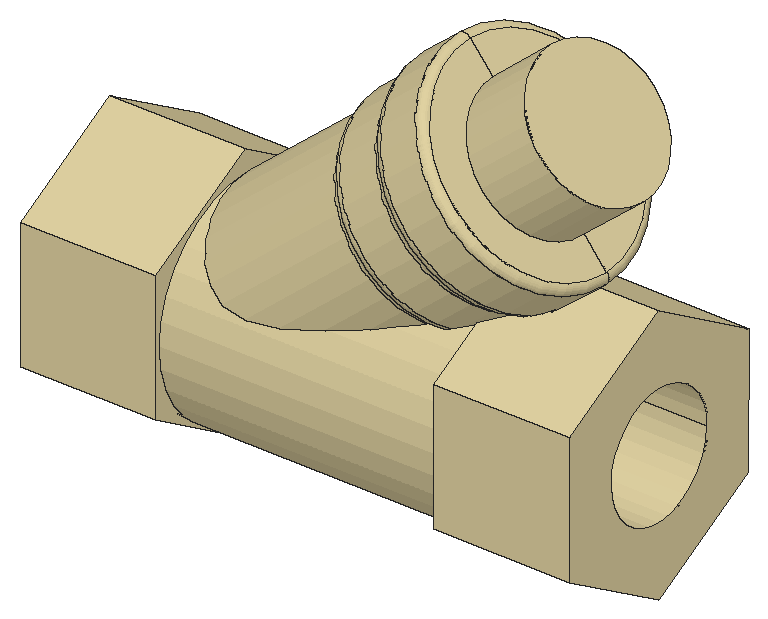
Revit family "DA02230000", category Apparecchi idraulici, Revit 2020
Family settings
  Quota connettore circolare = Usa diametro
  Tipo di parte = Normale
  Numero OmniClass = 23.45.00.00
  Titolo OmniClass = Sanitary, Laundry, and Cleaning Equipment
  Basato su piano di lavoro = No
  Sempre verticale = Sì
  Taglio con vuoti quando caricato = No
  Condiviso = No
  Punto di calcolo locali = No
Parameters
  URL = "https://web.cimberio.com/index.php/figura/1778?subcategoria_id=33"
  Temperatura di esercizio = "-10 ÷ 60°C"
  Prospetto di default = 0 mm
  Produttore = "CIMBERIO SPA"
  Pressione nominale = "PN 20"
  Modello = "Cim 74AGCR/5"
  Materiale = "Prodotto in lega di ottone “CR” – “DZR\" conforme alla norma EN 1982-CC770S"
  Descrizione = "Utilizzato nell’impiantistica distributiva di gas a bassa pressione per le categorie:\r\nGas naturali: gas derivati dal petrolio (Metano) e gas di ricambio.\r\nGas di città: prodotti secondo i diversi procedimenti (Cracking - Cokerie - ecc.).\r\nGas liquidi: propano e miscele di gas propano/butano.\r\nProtegge e risolve le problematiche di installazione nella filtrazione dei gas, trattenendo impurità, sabbia, ruggine, trucioli metallici presenti nelle condutture, assicurando così una protezione totale all’impianto"
  DN Model [instance] = DA02231015 : DA02231015
  DN [instance] = 15 mm
  Commenti sul tipo = "Realizzato in ottemperanza ai requisiti gestionali della norma EN ISO 9001.\r\nCollaudato al 100% secondo la normativa EN 12266-1"
Reference planes
  plane 1 "Centro (Fronte/Retro)": y = 0
  plane 2: z = 0
  plane 3 "Centro (Sinistra/Destra)": x = 0
Dimensions and locks
  aligned and locked: level to plane 2
Nested families
  nested 1: "DA02231015" at (0, 0, 0), type <- "DN Model", type "DA02231015"
  nested 2: "DA02231015" at (0, 0, 0), type <- "DN Model", type "DA02231015"
  nested 3: "DA02231015" at (0, 0, 0), type <- "DN Model", type "DA02231015"
  nested 4: "DA02231015" at (0, 0, 0), type <- "DN Model", type "DA02231015"
  nested 5: "DA02231015" at (0, 0, 0), type <- "DN Model", type "DA02231015"
  nested 6: "DA02231015" at (0, 0, 0), type <- "DN Model", type "DA02231015"
Connectors
  piping at (34.004, 0, 0), diameter 15, driven by "DN"
    settings: on nested 1, index 1, connector inside diameter 609.6 mm, connector length 0 mm, flow factor 0, pipe flow 0.0 L/s, pressure drop 0.0 Pa, fitting loss kfactor 0, connector angle 0.00°, fixture units 0, engagement length 0 mm, angle of deflection 0.00°, flow configuration 0, flow direction 0, fitting loss method 0, system type 7, joint type 0, gender type 0, connector reference index -1, connector utility 0, adjustable connector no, is connector primary yes, connector description ""
  piping at (-34, 0, 0), diameter 15, driven by "DN"
    settings: on nested 1, index 2, connector inside diameter 609.6 mm, connector length 0 mm, flow factor 0, pipe flow 0.0 L/s, pressure drop 0.0 Pa, fitting loss kfactor 0, connector angle 0.00°, fixture units 0, engagement length 0 mm, angle of deflection 0.00°, flow configuration 0, flow direction 0, fitting loss method 0, system type 7, joint type 0, gender type 0, connector reference index -1, connector utility 0, adjustable connector no, is connector primary no, connector description ""
Definition of nested family "DA02231015"
  Parameters (values of type "DA02231015")
    Default Elevation = 0 mm
  Reference planes
    plane 1 "Centro (Fronte/Retro)": y = 0
    plane 2: z = 0
    plane 3 "Centro (Sinistra/Destra)": x = 0
  Forms (mm)
    Revolve 1, solid
      sketch origin (0, 0, 0) x (1, 0, 0) y (0, 0, 1)
        loop
          line (-19, -13.477) -> (19, -13.477) -> (19, -7.5) -> (-19, -7.5) -> (-19, -13.477)
        axis (-19, 0) -> (19, 0)
      angle from 0 to 360
    Revolve 2, solid
      sketch origin (-1.637, 0, -2.248) x (1, 0, 0) y (0, 0, 1)
        loop
          line (15.91, 36.061) -> (12.302, 40.36)
          arc (12.302, 40.36) -> (11.612, 40.72) -> (10.87, 40.486) r 1.017
          line (10.87, 40.486) -> (6.597, 36.9)
          arc (6.597, 36.9) -> (6.216, 36.404) -> (6.062, 35.799) r 1.559
          arc (6.062, 35.799) -> (5.909, 35.197) -> (5.533, 34.703) r 1.56
          line (5.533, 34.703) -> (1.109, 30.99)
          arc (1.109, 30.99) -> (0.725, 30.497) -> (0.576, 29.89) r 1.493
          arc (0.576, 29.89) -> (0.431, 29.291) -> (0.056, 28.801) r 1.493
          line (0.056, 28.801) -> (-19.963, 12.003) -> (-16.987, 8.457) -> (15.91, 36.061)
        axis (20.731, 30.316) -> (-12.167, 2.712)
      angle from 0 to 360
    Extrusion 3, solid
      sketch origin (0, 0, 0) x (0, 1, 0) y (0, 0, 1)
        loop
          circle (0, 0) r 7.5
        loop
          line (0, 16) -> (-13.856, 8) -> (-13.856, -8) -> (0, -16) -> (13.856, -8) -> (13.856, 8) -> (0, 16)
      from -34 to -17.201
    Extrusion 4, solid
      sketch origin (14.717, 0, 25.904) x (0, 1, 0) y (-0.642788, 0, 0.766044)
        loop
          circle (0, -1.145) r 8.831
      from 4.705 to 14.31
    Extrusion 5, solid
      sketch origin (0, 0, 0) x (0, 1, 0) y (0, 0, -1)
        loop
          circle (0, 0) r 7.5
        loop
          line (0, -16) -> (13.856, -8) -> (13.856, 8) -> (0, 16) -> (-13.856, 8) -> (-13.856, -8) -> (0, -16)
      from -34.004 to -17.201
  Dimensions and locks
    aligned and locked: level to plane 2
